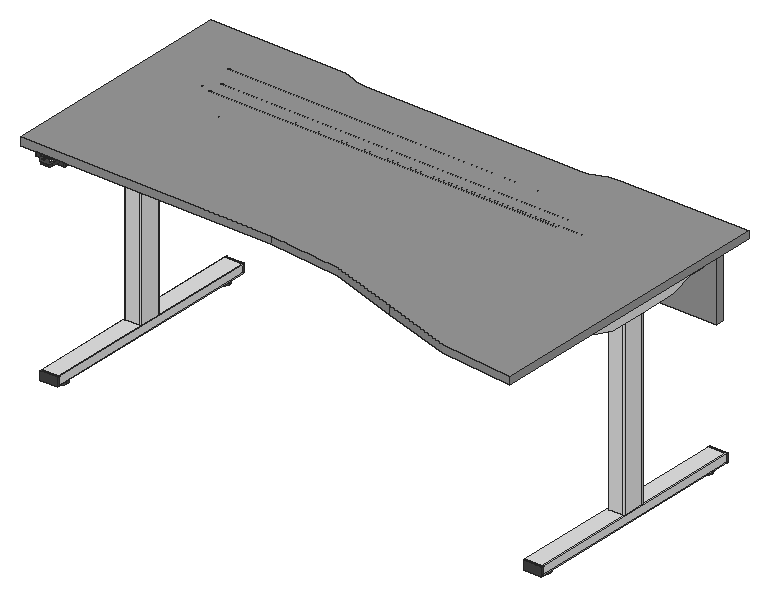
Revit family "Wave Desk with Scallop Top -RH", category Furniture, Revit 2016
Family settings
  OmniClass Number = 23.40.20.00
  OmniClass Title = General Furniture and Specialties
  Work Plane-Based = No
  Always vertical = Yes
  Cut with Voids When Loaded = No
  Shared = No
  Room Calculation Point = No
Parameters (values of type "1800 x 800 x 1000 with Modesty Panel & Cable Tray")
  Width = 1800 mm
  URL = "www.gof.co.uk"
  Type Comments = ""
  Range = "RISE LT"
  Product Code = "HDLWR18S"
  Modesty Panel Visible = yes
  Modesty Panel = "BTCPW18"
  HeightControl [instance] = if(Height < 720 mm, 720 mm, (if(Height > 1200 mm, 1200 mm, Height)))  # 727 mm
  Height [instance] = 727 mm
  Desktop = Gresham - Midnight Ash
  Model = ""
  Manufacturer = "Gresham Office Furniture"  # constant formula
  Frame = Gresham - Silver Metal
  Foot = Gresham - Black Plastic
  Cable Tray Visible = yes
  Cable Tray = "MECT18"
  Assembly Code = "E2020200"
Reference planes
  plane 1 "Center (Front/Back)": y = 0
  plane 2: z = 0
  plane 3 "Center (Left/Right)": x = 0
  plane 4: x = -900
  plane 5: x = 900
  plane 6 "Desktop Underside": z = 702
  plane 7: y = 400
  plane 8: y = -600
  plane 9 "Foot": z = 15
  plane 10: z = 727
  plane 11: x = 595.86
  plane 12: x = -595.86
  plane 13: y = -400
  plane 14: x = 420
  plane 15: x = -60
  plane 16: x = -850
Forms (mm)
  Extrusion 1, solid
    sketch origin (4.14, -302, 0) x (0, 1, 0) y (0, 0, 1)
      loop
        arc (344.5, 657) -> (346.621, 657.879) -> (347.5, 660) r 3
        line (347.5, 660) -> (347.5, 699)
        arc (347.5, 699) -> (346.621, 701.121) -> (344.5, 702) r 3
        line (344.5, 702) -> (307, 702) -> (307, 700) -> (344.5, 700)
        arc (344.5, 700) -> (345.207, 699.707) -> (345.5, 699) r 1
        line (345.5, 699) -> (345.5, 660)
        arc (345.5, 660) -> (345.207, 659.293) -> (344.5, 659) r 1
        line (344.5, 659) -> (310, 659)
        arc (310, 659) -> (309.293, 659.293) -> (309, 660) r 1
        line (309, 660) -> (309, 667) -> (307, 667) -> (307, 660)
        arc (307, 660) -> (307.879, 657.879) -> (310, 657) r 3
        line (310, 657) -> (344.5, 657)
    from -600 to 591.72
  Extrusion 2, solid, material "Gresham - Midnight Ash" <- "Desktop"
    sketch origin (0, 0, 702) x (1, 0, 0) y (0, 1, 0)
      loop
        arc (-416.673, 387.5) -> (-442.614, 396.833) -> (-470, 400) r 120
        line (-470, 400) -> (-900, 400) -> (-900, -400) -> (-60, -400)
        arc (-60, -400) -> (185.162, -425.223) -> (420, -500) r 1200
        arc (420, -500) -> (654.838, -574.777) -> (900, -600) r 1200
        line (900, -600) -> (900, 400) -> (470, 400)
        arc (470, 400) -> (442.614, 396.833) -> (416.673, 387.5) r 120
        arc (416.673, 387.5) -> (390.732, 378.167) -> (363.346, 375) r 120
        line (363.346, 375) -> (-363.346, 375)
        arc (-363.346, 375) -> (-390.732, 378.167) -> (-416.673, 387.5) r 120
    from 0 to 25
Dimensions and locks
  equal spacing: plane 4, plane 3 "Center (Left/Right)", plane 5
  "Width": plane 4 to plane 5
  locked: plane 7 to plane 8 at 1000
  locked: plane 2 to plane 9 "Foot" at 15
  "HeightControl": plane 10 to level
  plane 10 to plane 6 "Desktop Underside" = 25 mm
  locked: nested 1 to plane 5 at 60
  locked: plane 7 to nested 1 at 12
  locked: nested 2 to plane 4 at 60
  locked: Extrusion 1 sketch curve to Extrusion 1 sketch curve at 41
  locked: plane 7 to nested 2 at 12
  locked: plane 11 to plane 5 at 304.14
  locked: plane 4 to plane 12 at 304.14
  locked: plane 7 to plane 13 at 800
  equal spacing: plane 7, plane 1 "Center (Front/Back)", plane 13
  Extrusion 2 sketch curve to Extrusion 2 sketch curve = 430 mm  (x2)
  plane 3 "Center (Left/Right)" to Extrusion 2 = 363.346 mm
  Extrusion 2 to plane 3 "Center (Left/Right)" = 363.346 mm
  locked: plane 5 to plane 14 at 480
  locked: plane 14 to plane 15 at 480
  locked: plane 4 to plane 16 at 50
  locked: plane 4 to nested 4 at 87
  locked: plane 4 to nested 5 at 100
  locked: plane 6 "Desktop Underside" to nested 5 at 61.5
  locked: plane 7 to nested 5 at 53.5
  radius of Extrusion 2 sketch curve = 1200 mm  (x2)
  aligned and locked: level to plane 2
  aligned and locked: plane 11 to Extrusion 1
  aligned and locked: plane 12 to Extrusion 1
  aligned and locked: plane 6 "Desktop Underside" to nested 3
  aligned and locked: nested 3 to plane 13
  aligned and locked: plane 14 to Extrusion 2 sketch curve  (x2)
  aligned and locked: plane 15 to Extrusion 2 sketch curve
  aligned and locked: nested 3 to plane 16
  aligned and locked: plane 6 "Desktop Underside" to nested 4
  aligned and locked: plane 10 to Extrusion 2
  aligned and locked: Extrusion 2 to plane 6 "Desktop Underside"
Automatic sketch dimensions
  Extrusion 1 sketch curve to Extrusion 1 sketch curve = 0 mm  (x6)
  Extrusion 1 sketch curve to plane 6 "Desktop Underside" = 0 mm
  Extrusion 1 sketch curve to plane 1 "Center (Front/Back)" = 5 mm  (x2)
  Extrusion 1 sketch curve to plane 6 "Desktop Underside" = 2 mm
  Extrusion 1 sketch curve to Extrusion 1 sketch curve = 1 mm  (x2)
  Extrusion 1 sketch curve to Extrusion 1 sketch curve = 37.5 mm
  Extrusion 1 sketch curve to Extrusion 1 sketch curve = 34.5 mm
  Extrusion 1 sketch curve to Extrusion 1 sketch curve = 7 mm
  Extrusion 2 sketch curve to plane 4 = 0 mm
  Extrusion 2 sketch curve to plane 7 = 0 mm  (x2)
  Extrusion 2 sketch curve to plane 5 = 0 mm
  Extrusion 2 sketch curve to plane 8 = 0 mm
  Extrusion 2 sketch curve to plane 13 = 0 mm
  plane 7 to Extrusion 2 sketch curve = 95 mm  (x2)
  Extrusion 2 sketch curve to Extrusion 2 sketch curve = 106.654 mm
  Extrusion 2 sketch curve to plane 14 = 56.654 mm
  Extrusion 2 sketch curve to plane 7 = 120 mm  (x2)
  Extrusion 2 sketch curve to plane 7 = 25 mm
Nested families
  nested 1: "Rise LT Leg" at (5, -202, 0), Height <- "HeightControl", type "Rise LT Leg"
    with HeightControl 727 mm, Height 727 mm
  nested 2: "Rise LT Leg" at (-5, -202, 0) x (-1, 0, 0) z (0, 0, 1), Height <- "HeightControl", type "Rise LT Leg"
    with HeightControl 727 mm, Height 727 mm
  nested 3: "Controls" at (-800, -367.5, 690), type "Controls"
  nested 4: "Modesty Panel" at (0, 0, 0), type "Modesty Panel"
    with HeightControl 727 mm, Height 727 mm
  nested 5: "Cable Tray" at (0, 0, 0), Height <- "Height", type "Cable Tray"
    with HeightControl 727 mm, Height 727 mm
Definition of nested family "Rise LT Leg"
  Parameters (values of type "Rise LT Leg")
    Width = 1800 mm
    URL = "www.gof.co.uk"
    Type Comments = ""
    Range = "RISE LT"
    Product Code = ""
    Model = ""
    Manufacturer = "Gresham Office Furniture"  # constant formula
    HeightControl [instance] = if(Height < 720 mm, 720 mm, (if(Height > 1200 mm, 1200 mm, Height)))  # 727 mm
    Height [instance] = 727 mm
    Frame = none
    Foot = none
    Bung = none
    Assembly Code = "E2020200"
  Reference planes
    plane 1 "Center (Front/Back)": y = 200
    plane 2: z = 0
    plane 3 "Center (Left/Right)": x = 0
    plane 4: x = -900
    plane 5: x = 900
    plane 6 "Desktop": z = 727
    plane 7: y = 600
    plane 8: y = -200
    plane 9 "Foot": z = 15
    plane 10 "Desktop Underside": z = 702
    plane 11 "Max Height": z = 1200
    plane 12 "Max Desktop Underside": z = 1175
  Forms (mm)
    Extrusion 1, solid, material <- "Frame"
      sketch origin (0, 0, 727) x (-1, 0, 0) y (0, -1, 0)
        loop
          line (-827.511, -240) -> (-782.511, -240)
          arc (-782.511, -240) -> (-778.976, -238.536) -> (-777.511, -235) r 5
          line (-777.511, -235) -> (-777.511, -165)
          arc (-777.511, -165) -> (-778.976, -161.464) -> (-782.511, -160) r 5
          line (-782.511, -160) -> (-827.511, -160)
          arc (-827.511, -160) -> (-831.047, -161.464) -> (-832.511, -165) r 5
          line (-832.511, -165) -> (-832.511, -235)
          arc (-832.511, -235) -> (-831.047, -238.536) -> (-827.511, -240) r 5
      from -682 to -82
    Extrusion 2, solid, material <- "Frame"
      sketch origin (0, 200, 0) x (1, 0, 0) y (0, 0, 1)
        loop
          line (833, 45) -> (777, 45)
          arc (777, 45) -> (775.586, 44.414) -> (775, 43) r 2
          line (775, 43) -> (775, 17)
          arc (775, 17) -> (775.586, 15.586) -> (777, 15) r 2
          line (777, 15) -> (833, 15)
          arc (833, 15) -> (834.414, 15.586) -> (835, 17) r 2
          line (835, 17) -> (835, 43)
          arc (835, 43) -> (834.414, 44.414) -> (833, 45) r 2
      from -385 to 385
    Extrusion 3, solid, material <- "Frame"
      sketch origin (0, 200, 70) x (1, 0, 0) y (0, 0, 1)
        loop
          line (842.511, 632) -> (590.86, 632) -> (590.86, 617)
          arc (590.86, 617) -> (599.647, 595.787) -> (620.86, 587) r 30
          line (620.86, 587) -> (842.511, 587) -> (842.511, 632)
      from -47.5 to 47.5
    Extrusion 4, solid, material <- "Frame"
      sketch origin (0, 200, 70) x (1, 0, 0) y (0, 0, 1)
        loop
          line (842.511, 632) -> (842.511, 622) -> (844.511, 622) -> (844.511, 630.159) -> (860.511, 630.159) -> (860.511, 579) -> (843.693, 579) -> (843.693, 582.43) -> (841.693, 582.43) -> (841.693, 577) -> (862.511, 577) -> (862.511, 632) -> (842.511, 632)
      from -275 to 275
    Extrusion 5, void
      sketch origin (870.011, 200, 1175) x (0, 0, 1) y (0, 1, 0)
        loop
          line (-528, 0) -> (-528, 125) -> (-483, 275) -> (-473, 275) -> (-473, 333.867) -> (-576.413, 333.867) -> (-576.413, 0) -> (-576.413, -333.867) -> (-473, -333.867) -> (-473, -275) -> (-483, -275) -> (-528, -125) -> (-528, 0)
      from -29.989 to 70.011
    Extrusion 6, solid, material <- "Frame"
      sketch origin (0, 0, 727) x (-1, 0, 0) y (0, -1, 0)
        loop
          line (-827.511, -238) -> (-782.511, -238)
          arc (-782.511, -238) -> (-780.39, -237.121) -> (-779.511, -235) r 3
          line (-779.511, -235) -> (-779.511, -165)
          arc (-779.511, -165) -> (-780.39, -162.879) -> (-782.511, -162) r 3
          line (-782.511, -162) -> (-827.511, -162)
          arc (-827.511, -162) -> (-829.633, -162.879) -> (-830.511, -165) r 3
          line (-830.511, -165) -> (-830.511, -235)
          arc (-830.511, -235) -> (-829.633, -237.121) -> (-827.511, -238) r 3
      from -82 to -70
    Revolve 7, solid, material <- "Foot"
      sketch origin (0, 540, 0) x (1, 0, 0) y (0, 0, 1)
        loop
          line (804.324, 0) -> (824.324, 0) -> (814.324, 15) -> (804.324, 15) -> (804.324, 0)
        axis (804.324, 15) -> (804.324, 0)
      angle from 0 to 360
    Revolve 8, solid, material <- "Foot"
      sketch origin (0, -140, 0) x (1, 0, 0) y (0, 0, -1)
        loop
          line (804.324, 0) -> (804.324, -15) -> (814.324, -15) -> (824.324, 0) -> (804.324, 0)
        axis (804.324, -15) -> (804.324, 0)
      angle from 0 to 360
    Extrusion 9, solid, material <- "Bung"
      sketch origin (0, 201.489, 0) x (1, 0, 0) y (0, 0, 1)
        loop
          line (833, 45) -> (777, 45)
          arc (777, 45) -> (775.586, 44.414) -> (775, 43) r 2
          line (775, 43) -> (775, 17)
          arc (775, 17) -> (775.586, 15.586) -> (777, 15) r 2
          line (777, 15) -> (833, 15)
          arc (833, 15) -> (834.414, 15.586) -> (835, 17) r 2
          line (835, 17) -> (835, 43)
          arc (835, 43) -> (834.414, 44.414) -> (833, 45) r 2
      from 386.489 to 391.489
    Extrusion 10, solid, material <- "Bung"
      sketch origin (0, 198.511, 0) x (1, 0, 0) y (0, 0, -1)
        loop
          arc (833, -45) -> (834.414, -44.414) -> (835, -43) r 2
          line (835, -43) -> (835, -17)
          arc (835, -17) -> (834.414, -15.586) -> (833, -15) r 2
          line (833, -15) -> (777, -15)
          arc (777, -15) -> (775.586, -15.586) -> (775, -17) r 2
          line (775, -17) -> (775, -43)
          arc (775, -43) -> (775.586, -44.414) -> (777, -45) r 2
          line (777, -45) -> (833, -45)
      from 386.489 to 391.489
  Cuts and joins
    Extrusion 5 cuts Extrusion 4
  Dimensions and locks
    equal spacing: plane 4, plane 3 "Center (Left/Right)", plane 5
    "Width": plane 4 to plane 5
    equal spacing: plane 7, plane 1 "Center (Front/Back)", plane 8
    locked: plane 7 to plane 8 at 800
    locked: plane 9 "Foot" to level at 15
    locked: plane 6 "Desktop" to plane 10 "Desktop Underside" at 25
    locked: plane 5 to Extrusion 2 at 65
    Extrusion 3 to Extrusion 3 = 95 mm
    plane 1 "Center (Front/Back)" to Extrusion 4 = 275 mm
    equal spacing: Extrusion 4, plane 1 "Center (Front/Back)", Extrusion 4
    plane 11 "Max Height" to level = 1200 mm
    locked: Extrusion 3 sketch curve to Extrusion 3 sketch curve at 45
    locked: Extrusion 5 sketch curve to Extrusion 5 sketch curve at 103.413
    "HeightControl": plane 6 "Desktop" to level
    locked: Extrusion 1 to level at 645
    locked: Extrusion 2 to Extrusion 2 at 30
    Extrusion 2 to Revolve 7 = 45 mm
    locked: Extrusion 9 to Extrusion 9 at 5
    locked: Extrusion 5 to plane 5 at 100
    locked: Extrusion 10 to Extrusion 10 at 5
    plane 9 "Foot" to level = 15 mm
    Revolve 8 to Extrusion 9 = 45 mm
    locked: Extrusion 3 to plane 5 at 309.14
    aligned and locked: level to plane 2
    aligned and locked: Extrusion 6 to Extrusion 3
    aligned and locked: Extrusion 6 to Extrusion 1
    aligned and locked: Extrusion 2 to plane 9 "Foot"
    aligned and locked: Extrusion 1 to Extrusion 2
    aligned and locked: Extrusion 2 to Extrusion 9
    aligned and locked: Extrusion 5 to plane 5
    aligned and locked: Extrusion 2 to Extrusion 10
  Automatic sketch dimensions
    plane 1 "Center (Front/Back)" to Extrusion 1 sketch curve = 35 mm
    plane 5 to Extrusion 1 sketch curve = 67.489 mm
    Extrusion 1 sketch curve to Extrusion 1 sketch curve = 5 mm  (x3)
    Extrusion 1 sketch curve to Extrusion 1 sketch curve = 45 mm  (x2)
    Extrusion 1 sketch curve to plane 1 "Center (Front/Back)" = 35 mm
    Extrusion 2 sketch curve to plane 9 "Foot" = 0 mm
    plane 9 "Foot" to Extrusion 2 sketch curve = 2 mm  (x2)
    plane 5 to Extrusion 2 sketch curve = 125 mm
    Extrusion 2 sketch curve to Extrusion 2 sketch curve = 2 mm
    Extrusion 2 sketch curve to Extrusion 2 sketch curve = 56 mm
    Extrusion 2 sketch curve to Extrusion 2 sketch curve = 0 mm
    Extrusion 2 sketch curve to Extrusion 2 sketch curve = 26 mm
    Extrusion 3 sketch curve to plane 10 "Desktop Underside" = 0 mm
    plane 3 "Center (Left/Right)" to Extrusion 3 sketch curve = 590.86 mm
    Extrusion 3 sketch curve to Extrusion 3 sketch curve = 30 mm
    plane 5 to Extrusion 3 sketch curve = 57.489 mm
    Extrusion 4 sketch curve to plane 10 "Desktop Underside" = 0 mm
    plane 5 to Extrusion 4 sketch curve = 58.307 mm
    Extrusion 4 sketch curve to plane 10 "Desktop Underside" = 10 mm
    Extrusion 4 sketch curve to Extrusion 4 sketch curve = 0.819 mm
    Extrusion 4 sketch curve to Extrusion 4 sketch curve = 2 mm  (x4)
    Extrusion 4 sketch curve to plane 10 "Desktop Underside" = 1.841 mm
    Extrusion 4 sketch curve to Extrusion 4 sketch curve = 16 mm
    Extrusion 4 sketch curve to Extrusion 4 sketch curve = 39.57 mm
    Extrusion 4 sketch curve to Extrusion 4 sketch curve = 3.43 mm
    Extrusion 5 sketch curve to plane 1 "Center (Front/Back)" = 0 mm  (x2)
    Extrusion 5 sketch curve to plane 10 "Desktop Underside" = 0 mm  (x2)
    Extrusion 5 sketch curve to plane 10 "Desktop Underside" = 55 mm
    Extrusion 5 sketch curve to plane 10 "Desktop Underside" = 10 mm  (x2)
    Extrusion 5 sketch curve to Extrusion 5 sketch curve = 125 mm
    plane 8 to Extrusion 5 sketch curve = 125 mm
    Extrusion 5 sketch curve to Extrusion 5 sketch curve = 58.867 mm
    Extrusion 5 sketch curve to plane 1 "Center (Front/Back)" = 125 mm
    Extrusion 5 sketch curve to plane 7 = 125 mm
    Extrusion 5 sketch curve to plane 7 = 66.133 mm
    plane 1 "Center (Front/Back)" to Extrusion 6 sketch curve = 35 mm
    plane 5 to Extrusion 6 sketch curve = 69.489 mm
    Extrusion 6 sketch curve to Extrusion 6 sketch curve = 3 mm  (x3)
    Extrusion 6 sketch curve to Extrusion 6 sketch curve = 45 mm  (x2)
    Extrusion 6 sketch curve to plane 1 "Center (Front/Back)" = 35 mm
    Revolve 7 sketch curve to level = 0 mm
    Revolve 7 sketch curve to plane 9 "Foot" = 0 mm  (x2)
    plane 5 to Revolve 7 sketch curve = 95.676 mm
    Revolve 7 sketch curve to Revolve 7 sketch curve = 10 mm  (x2)
    Revolve 7 sketch curve to Revolve 7 sketch curve = 0 mm
    Revolve 7 sketch curve to Revolve 7 sketch curve = 11.548 mm
    Revolve 8 sketch curve to level = 0 mm
    Revolve 8 sketch curve to plane 9 "Foot" = 0 mm  (x2)
    plane 5 to Revolve 8 sketch curve = 95.676 mm
    Revolve 8 sketch curve to Revolve 8 sketch curve = 10 mm  (x2)
    Revolve 8 sketch curve to Revolve 8 sketch curve = 0 mm
    Revolve 8 sketch curve to Revolve 8 sketch curve = 11.548 mm
    Extrusion 9 sketch curve to plane 9 "Foot" = 0 mm
    plane 9 "Foot" to Extrusion 9 sketch curve = 28 mm
    plane 5 to Extrusion 9 sketch curve = 125 mm
    Extrusion 9 sketch curve to Extrusion 9 sketch curve = 2 mm  (x3)
    Extrusion 9 sketch curve to Extrusion 9 sketch curve = 56 mm
    Extrusion 9 sketch curve to Extrusion 9 sketch curve = 0 mm
    Extrusion 10 sketch curve to plane 9 "Foot" = 0 mm
    plane 9 "Foot" to Extrusion 10 sketch curve = 28 mm
    plane 5 to Extrusion 10 sketch curve = 125 mm
    Extrusion 10 sketch curve to Extrusion 10 sketch curve = 2 mm  (x3)
    Extrusion 10 sketch curve to Extrusion 10 sketch curve = 56 mm
    Extrusion 10 sketch curve to Extrusion 10 sketch curve = 0 mm
Definition of nested family "Controls"
  Parameters (values of type "Controls")
    URL = "www.gof.co.uk"
    Rubber Keys = none
    Range = "RANGE LT"
    Product Code = "Controls"
    Plastic Case = none
    Manufacturer = "Gresham Office Furniture"  # constant formula
  Reference planes
    plane 1 "Center (Front/Back)": y = 0
    plane 2: z = 0
    plane 3 "Center (Left/Right)": x = 0
  Forms (mm)
    Extrusion 1, solid, material <- "Plastic Case"
      sketch origin (0, 0, 0) x (1, 0, 0) y (0, 1, 0)
        loop
          arc (-45, 32.5) -> (-48.536, 31.036) -> (-50, 27.5) r 5
          line (-50, 27.5) -> (-50, -27.5)
          arc (-50, -27.5) -> (-48.536, -31.036) -> (-45, -32.5) r 5
          line (-45, -32.5) -> (45, -32.5)
          arc (45, -32.5) -> (48.536, -31.036) -> (50, -27.5) r 5
          line (50, -27.5) -> (50, 27.5)
          arc (50, 27.5) -> (48.536, 31.036) -> (45, 32.5) r 5
          line (45, 32.5) -> (-45, 32.5)
      from 0 to 12
    Sweep 2, solid, material <- "Plastic Case"
      path origin (0, 0, 2) x (0, 1, 0) y (0, 0, 1)
        loop
          line (-32.5, 6) -> (-36.392, 6)
          arc (-36.392, 6) -> (-37.474, 5.881) -> (-38.505, 5.532) r 5
          line (-38.505, 5.532) -> (-55.626, -2.452)
      profile origin (0, -34.446, 8) x (0, 0, -1) y (1, 0, 0)
        loop
          line (-4, 30) -> (-4, -30) -> (4, -30) -> (4, 30) -> (-4, 30)
    Extrusion 3, void
      sketch origin (-30, -40.195, 11.157) x (0, -0.906308, -0.422618) y (1, 0, 0)
        loop
          line (18.892, 75) -> (-7.33, 75) -> (-7.33, 60) -> (10.178, 50.091)
          arc (10.178, 50.091) -> (14.833, 46.912) -> (18.892, 43) r 33.579
          line (18.892, 43) -> (18.892, 75)
      from -13.674 to 7.77
    Extrusion 4, void
      sketch origin (30, -40.195, 11.157) x (0, -0.906308, -0.422618) y (1, 0, 0)
        loop
          line (18.892, -75) -> (18.892, -43)
          arc (18.892, -43) -> (14.833, -46.912) -> (10.178, -50.091) r 33.579
          line (10.178, -50.091) -> (-7.33, -60) -> (-7.33, -75) -> (18.892, -75)
      from -13.674 to 7.77
    Extrusion 5, solid, material <- "Rubber Keys"
      sketch origin (-30, -40.195, 11.157) x (0, -0.906308, -0.422618) y (1, 0, 0)
        loop
          line (0.281, 19.363) -> (8.531, 14.6) -> (8.531, 24.126) -> (0.281, 19.363)
        loop
          line (0.656, 35.874) -> (8.906, 40.637) -> (0.656, 45.4) -> (0.656, 35.874)
      from 0 to 1.5
  Cuts and joins
    Extrusion 3, Extrusion 4 cuts Sweep 2
  Dimensions and locks
    aligned and locked: level to plane 2
Definition of nested family "Modesty Panel"
  Parameters (values of type "Modesty Panel")
    Width = 1800 mm
    URL = "www.gof.co.uk"
    Type Comments = ""
    Range = "RISE LT"
    Product Code = ""
    Modesty Panel Visible = yes
    Modesty Panel = none
    HeightControl [instance] = if(Height < 720 mm, 720 mm, (if(Height > 1200 mm, 1200 mm, Height)))  # 727 mm
    Height [instance] = 727 mm
    Desktop = none
    Model = ""
    Manufacturer = "Gresham Office Furniture"  # constant formula
    Frame = none
    Foot = none
    Assembly Code = "E2020200"
  Reference planes
    plane 1 "Center (Front/Back)": y = 0
    plane 2: z = 0
    plane 3 "Center (Left/Right)": x = 0
    plane 4: x = -900
    plane 5: x = 900
    plane 6 "Desktop Underside": z = 702
    plane 7: y = 400
    plane 8: y = -400
    plane 9 "Foot": z = 15
    plane 10: z = 727
    plane 11 "Modesty Panel": x = -593
    plane 12: x = 593
    plane 13: z = 425
    plane 14: z = 677
    plane 15: y = 375
    plane 16: x = 568
    plane 17: x = -568
    plane 18: x = -813
    plane 19: x = 813
  Forms (mm)
    Extrusion 1, solid, material <- "Frame", visible <- "Modesty Panel Visible"
      sketch origin (-593, 43.228, 0) x (0, 1, 0) y (0, 0, 1)
        loop
          line (161.772, 702) -> (161.772, 677) -> (306.772, 677) -> (306.772, 432) -> (331.772, 432) -> (331.772, 702) -> (161.772, 702)
      from 0 to 25
    Extrusion 2, solid, material <- "Frame", visible <- "Modesty Panel Visible"
      sketch origin (593, 43.228, 0) x (0, 1, 0) y (0, 0, -1)
        loop
          line (161.772, -702) -> (331.772, -702) -> (331.772, -432) -> (306.772, -432) -> (306.772, -677) -> (161.772, -677) -> (161.772, -702)
      from 0 to 25
    Extrusion 3, solid, material <- "Modesty Panel", visible <- "Modesty Panel Visible"
      sketch origin (0, 0, 0) x (0, 1, 0) y (0, 0, 1)
        loop
          line (375, 677) -> (375, 425) -> (400, 425) -> (400, 677) -> (375, 677)
      from -813 to 813
  Dimensions and locks
    equal spacing: plane 4, plane 3 "Center (Left/Right)", plane 5
    "Width": plane 4 to plane 5
    equal spacing: plane 7, plane 1 "Center (Front/Back)", plane 8
    locked: plane 7 to plane 8 at 800
    locked: plane 2 to plane 9 "Foot" at 15
    "HeightControl": plane 10 to level
    locked: plane 10 to plane 6 "Desktop Underside" at 25
    locked: Extrusion 1 sketch curve to Extrusion 1 sketch curve at 170
    locked: Extrusion 1 sketch curve to Extrusion 1 sketch curve at 25  (x2)
    locked: Extrusion 1 sketch curve to Extrusion 1 sketch curve at 270
    locked: Extrusion 1 to Extrusion 1 at 25
    locked: plane 7 to Extrusion 1 at 25
    locked: plane 11 "Modesty Panel" to plane 4 at 307
    locked: plane 12 to plane 5 at 307
    locked: Extrusion 2 sketch curve to Extrusion 2 sketch curve at 170
    locked: Extrusion 2 sketch curve to Extrusion 2 sketch curve at 25  (x2)
    locked: Extrusion 2 sketch curve to Extrusion 2 sketch curve at 270
    locked: Extrusion 2 to Extrusion 2 at 25
    locked: Extrusion 1 to plane 13 at 7
    locked: plane 6 "Desktop Underside" to plane 14 at 25
    locked: plane 7 to plane 15 at 25
    locked: plane 16 to plane 12 at 25
    locked: plane 17 to plane 11 "Modesty Panel" at 25
    locked: plane 13 to plane 14 at 252
    locked: plane 4 to plane 18 at 87
    locked: plane 19 to plane 5 at 87
    aligned and locked: level to plane 2
    aligned and locked: plane 6 "Desktop Underside" to Extrusion 1
    aligned and locked: Extrusion 1 to plane 11 "Modesty Panel"
    aligned and locked: Extrusion 2 to plane 12
    aligned and locked: Extrusion 3 to plane 14
    aligned and locked: Extrusion 3 to plane 13
    aligned and locked: Extrusion 3 to plane 18
    aligned and locked: Extrusion 3 to plane 19
  Automatic sketch dimensions
    Extrusion 1 sketch curve to plane 6 "Desktop Underside" = 0 mm
    Extrusion 1 sketch curve to plane 7 = 195 mm
    Extrusion 2 sketch curve to plane 6 "Desktop Underside" = 0 mm
    Extrusion 2 sketch curve to plane 7 = 195 mm
    Extrusion 3 sketch curve to plane 13 = 0 mm
    Extrusion 3 sketch curve to plane 15 = 0 mm
    Extrusion 3 sketch curve to plane 7 = 0 mm
    plane 14 to Extrusion 3 sketch curve = 0 mm
Definition of nested family "Cable Tray"
  Parameters (values of type "Cable Tray")
    Width = 1800 mm
    URL = "www.gof.co.uk"
    Type Comments = ""
    Range = "RISE LT"
    Product Code = ""
    Modesty Panel = none
    HeightControl [instance] = if(Height < 720 mm, 720 mm, (if(Height > 1200 mm, 1200 mm, Height)))  # 727 mm
    Height [instance] = 727 mm
    Desktop = none
    Model = ""
    Manufacturer = "Gresham Office Furniture"  # constant formula
    Frame = none
    Foot = none
    Cable Tray Clips = none
    Cable Tray = yes
    Assembly Code = "E2020200"
  Reference planes
    plane 1 "Center (Front/Back)": y = 0
    plane 2: z = 0
    plane 3 "Center (Left/Right)": x = 0
    plane 4: x = -900
    plane 5: x = 900
    plane 6 "Desktop Underside": z = 702
    plane 7: y = 400
    plane 8: y = -400
    plane 9 "Foot": z = 15
    plane 10: z = 727
    plane 11 "Cable Tray Left": x = -800
    plane 12 "Cable Tray Right": x = 800
  Forms (mm)
    Extrusion 1, solid, material <- "Frame", visible <- "Cable Tray"
      sketch origin (0, 12.089, -4.885) x (0, 1, 0) y (0, 0, 1)
        loop
          circle (301.911, 615.385) r 1.5
        loop
          circle (251.911, 615.385) r 1.5
        loop
          circle (220.911, 645.385) r 1.5
        loop
          circle (332.911, 645.385) r 1.5
      from -800 to 800
    Sweep 2, solid, material <- "Frame", visible <- "Cable Tray"
      path in 3D
        loop
          line (0, 341.76, 640.5) -> (0, 333.661, 615.573)
          arc (0, 333.661, 615.573) -> (0, 332.571, 614.073) -> (0, 330.808, 613.5) r 3
          line (0, 330.808, 613.5) -> (0, 247.192, 613.5)
          arc (0, 247.192, 613.5) -> (0, 245.429, 614.073) -> (0, 244.339, 615.573) r 3
          line (0, 244.339, 615.573) -> (0, 236.24, 640.5)
      profile origin (0, 289, 613.5) x (0, 0, 1) y (-1, 0, 0)
        loop
          circle (0, 0) r 1.5
    Sweep 3, solid, material <- "Frame", visible <- "Cable Tray", not visible
      path in 3D
        loop
          line (0, 329.671, 645.385) -> (0, 321.572, 620.458)
          arc (0, 321.572, 620.458) -> (0, 320.482, 618.958) -> (0, 318.719, 618.385) r 3
          line (0, 318.719, 618.385) -> (0, 235.103, 618.385)
          arc (0, 235.103, 618.385) -> (0, 233.34, 618.958) -> (0, 232.25, 620.458) r 3
          line (0, 232.25, 620.458) -> (0, 224.151, 645.385)
      profile origin (0, 276.911, 618.385) x (0, 0, 1) y (-1, 0, 0)
        loop
          circle (0, 0) r 1.5
    Sweep 4, solid, material <- "Frame", visible <- "Cable Tray"
      path in 3D
        loop
          line (800, 342.073, 640.5) -> (800, 333.974, 615.573)
          arc (800, 333.974, 615.573) -> (800, 332.884, 614.073) -> (800, 331.121, 613.5) r 3
          line (800, 331.121, 613.5) -> (800, 247.505, 613.5)
          arc (800, 247.505, 613.5) -> (800, 245.742, 614.073) -> (800, 244.652, 615.573) r 3
          line (800, 244.652, 615.573) -> (800, 236.553, 640.5)
      profile origin (800, 289.313, 613.5) x (0, 0, 1) y (-1, 0, 0)
        loop
          circle (0, 0) r 1.5
    Sweep 5, solid, material <- "Frame", visible <- "Cable Tray"
      path in 3D
        loop
          line (-800, 342.073, 640.5) -> (-800, 333.974, 615.573)
          arc (-800, 333.974, 615.573) -> (-800, 332.884, 614.073) -> (-800, 331.121, 613.5) r 3
          line (-800, 331.121, 613.5) -> (-800, 247.505, 613.5)
          arc (-800, 247.505, 613.5) -> (-800, 245.742, 614.073) -> (-800, 244.652, 615.573) r 3
          line (-800, 244.652, 615.573) -> (-800, 236.553, 640.5)
      profile origin (-800, 289.313, 613.5) x (0, 0, 1) y (-1, 0, 0)
        loop
          circle (0, 0) r 1.5
    Sweep 6, solid, material <- "Frame", visible <- "Cable Tray"
      path in 3D
        loop
          line (100, 341.76, 640.5) -> (100, 333.661, 615.573)
          arc (100, 333.661, 615.573) -> (100, 332.571, 614.073) -> (100, 330.808, 613.5) r 3
          line (100, 330.808, 613.5) -> (100, 247.192, 613.5)
          arc (100, 247.192, 613.5) -> (100, 245.429, 614.073) -> (100, 244.339, 615.573) r 3
          line (100, 244.339, 615.573) -> (100, 236.24, 640.5)
      profile origin (100, 289, 613.5) x (0, 0, 1) y (-1, 0, 0)
        loop
          circle (0, 0) r 1.5
    Sweep 7, solid, material <- "Frame", visible <- "Cable Tray"
      path in 3D
        loop
          line (300, 341.76, 640.5) -> (300, 333.661, 615.573)
          arc (300, 333.661, 615.573) -> (300, 332.571, 614.073) -> (300, 330.808, 613.5) r 3
          line (300, 330.808, 613.5) -> (300, 247.192, 613.5)
          arc (300, 247.192, 613.5) -> (300, 245.429, 614.073) -> (300, 244.339, 615.573) r 3
          line (300, 244.339, 615.573) -> (300, 236.24, 640.5)
      profile origin (300, 289, 613.5) x (0, 0, 1) y (-1, 0, 0)
        loop
          circle (0, 0) r 1.5
    Sweep 8, solid, material <- "Frame", visible <- "Cable Tray"
      path in 3D
        loop
          line (400, 341.76, 640.5) -> (400, 333.661, 615.573)
          arc (400, 333.661, 615.573) -> (400, 332.571, 614.073) -> (400, 330.808, 613.5) r 3
          line (400, 330.808, 613.5) -> (400, 247.192, 613.5)
          arc (400, 247.192, 613.5) -> (400, 245.429, 614.073) -> (400, 244.339, 615.573) r 3
          line (400, 244.339, 615.573) -> (400, 236.24, 640.5)
      profile origin (400, 289, 613.5) x (0, 0, 1) y (-1, 0, 0)
        loop
          circle (0, 0) r 1.5
    Sweep 9, solid, material <- "Frame", visible <- "Cable Tray"
      path in 3D
        loop
          line (500, 341.76, 640.5) -> (500, 333.661, 615.573)
          arc (500, 333.661, 615.573) -> (500, 332.571, 614.073) -> (500, 330.808, 613.5) r 3
          line (500, 330.808, 613.5) -> (500, 247.192, 613.5)
          arc (500, 247.192, 613.5) -> (500, 245.429, 614.073) -> (500, 244.339, 615.573) r 3
          line (500, 244.339, 615.573) -> (500, 236.24, 640.5)
      profile origin (500, 289, 613.5) x (0, 0, 1) y (-1, 0, 0)
        loop
          circle (0, 0) r 1.5
    Sweep 10, solid, material <- "Frame", visible <- "Cable Tray"
      path in 3D
        loop
          line (600, 341.76, 640.5) -> (600, 333.661, 615.573)
          arc (600, 333.661, 615.573) -> (600, 332.571, 614.073) -> (600, 330.808, 613.5) r 3
          line (600, 330.808, 613.5) -> (600, 247.192, 613.5)
          arc (600, 247.192, 613.5) -> (600, 245.429, 614.073) -> (600, 244.339, 615.573) r 3
          line (600, 244.339, 615.573) -> (600, 236.24, 640.5)
      profile origin (600, 289, 613.5) x (0, 0, 1) y (-1, 0, 0)
        loop
          circle (0, 0) r 1.5
    Sweep 11, solid, material <- "Frame", visible <- "Cable Tray"
      path in 3D
        loop
          line (700, 341.76, 640.5) -> (700, 333.661, 615.573)
          arc (700, 333.661, 615.573) -> (700, 332.571, 614.073) -> (700, 330.808, 613.5) r 3
          line (700, 330.808, 613.5) -> (700, 247.192, 613.5)
          arc (700, 247.192, 613.5) -> (700, 245.429, 614.073) -> (700, 244.339, 615.573) r 3
          line (700, 244.339, 615.573) -> (700, 236.24, 640.5)
      profile origin (700, 289, 613.5) x (0, 0, 1) y (-1, 0, 0)
        loop
          circle (0, 0) r 1.5
    Sweep 12, solid, material <- "Frame", visible <- "Cable Tray"
      path in 3D
        loop
          line (200, 341.76, 640.5) -> (200, 333.661, 615.573)
          arc (200, 333.661, 615.573) -> (200, 332.571, 614.073) -> (200, 330.808, 613.5) r 3
          line (200, 330.808, 613.5) -> (200, 247.192, 613.5)
          arc (200, 247.192, 613.5) -> (200, 245.429, 614.073) -> (200, 244.339, 615.573) r 3
          line (200, 244.339, 615.573) -> (200, 236.24, 640.5)
      profile origin (200, 289, 613.5) x (0, 0, 1) y (-1, 0, 0)
        loop
          circle (0, 0) r 1.5
    Sweep 13, solid, material <- "Frame", visible <- "Cable Tray"
      path in 3D
        loop
          line (-100, 341.76, 640.5) -> (-100, 333.661, 615.573)
          arc (-100, 333.661, 615.573) -> (-100, 332.571, 614.073) -> (-100, 330.808, 613.5) r 3
          line (-100, 330.808, 613.5) -> (-100, 247.192, 613.5)
          arc (-100, 247.192, 613.5) -> (-100, 245.429, 614.073) -> (-100, 244.339, 615.573) r 3
          line (-100, 244.339, 615.573) -> (-100, 236.24, 640.5)
      profile origin (-100, 289, 613.5) x (0, 0, 1) y (-1, 0, 0)
        loop
          circle (0, 0) r 1.5
    Sweep 14, solid, material <- "Frame", visible <- "Cable Tray"
      path in 3D
        loop
          line (-300, 341.76, 640.5) -> (-300, 333.661, 615.573)
          arc (-300, 333.661, 615.573) -> (-300, 332.571, 614.073) -> (-300, 330.808, 613.5) r 3
          line (-300, 330.808, 613.5) -> (-300, 247.192, 613.5)
          arc (-300, 247.192, 613.5) -> (-300, 245.429, 614.073) -> (-300, 244.339, 615.573) r 3
          line (-300, 244.339, 615.573) -> (-300, 236.24, 640.5)
      profile origin (-300, 289, 613.5) x (0, 0, 1) y (-1, 0, 0)
        loop
          circle (0, 0) r 1.5
    Sweep 15, solid, material <- "Frame", visible <- "Cable Tray"
      path in 3D
        loop
          line (-400, 341.76, 640.5) -> (-400, 333.661, 615.573)
          arc (-400, 333.661, 615.573) -> (-400, 332.571, 614.073) -> (-400, 330.808, 613.5) r 3
          line (-400, 330.808, 613.5) -> (-400, 247.192, 613.5)
          arc (-400, 247.192, 613.5) -> (-400, 245.429, 614.073) -> (-400, 244.339, 615.573) r 3
          line (-400, 244.339, 615.573) -> (-400, 236.24, 640.5)
      profile origin (-400, 289, 613.5) x (0, 0, 1) y (-1, 0, 0)
        loop
          circle (0, 0) r 1.5
    Sweep 16, solid, material <- "Frame", visible <- "Cable Tray"
      path in 3D
        loop
          line (-500, 341.76, 640.5) -> (-500, 333.661, 615.573)
          arc (-500, 333.661, 615.573) -> (-500, 332.571, 614.073) -> (-500, 330.808, 613.5) r 3
          line (-500, 330.808, 613.5) -> (-500, 247.192, 613.5)
          arc (-500, 247.192, 613.5) -> (-500, 245.429, 614.073) -> (-500, 244.339, 615.573) r 3
          line (-500, 244.339, 615.573) -> (-500, 236.24, 640.5)
      profile origin (-500, 289, 613.5) x (0, 0, 1) y (-1, 0, 0)
        loop
          circle (0, 0) r 1.5
    Sweep 17, solid, material <- "Frame", visible <- "Cable Tray"
      path in 3D
        loop
          line (-600, 341.76, 640.5) -> (-600, 333.661, 615.573)
          arc (-600, 333.661, 615.573) -> (-600, 332.571, 614.073) -> (-600, 330.808, 613.5) r 3
          line (-600, 330.808, 613.5) -> (-600, 247.192, 613.5)
          arc (-600, 247.192, 613.5) -> (-600, 245.429, 614.073) -> (-600, 244.339, 615.573) r 3
          line (-600, 244.339, 615.573) -> (-600, 236.24, 640.5)
      profile origin (-600, 289, 613.5) x (0, 0, 1) y (-1, 0, 0)
        loop
          circle (0, 0) r 1.5
    Sweep 18, solid, material <- "Frame", visible <- "Cable Tray"
      path in 3D
        loop
          line (-700, 341.76, 640.5) -> (-700, 333.661, 615.573)
          arc (-700, 333.661, 615.573) -> (-700, 332.571, 614.073) -> (-700, 330.808, 613.5) r 3
          line (-700, 330.808, 613.5) -> (-700, 247.192, 613.5)
          arc (-700, 247.192, 613.5) -> (-700, 245.429, 614.073) -> (-700, 244.339, 615.573) r 3
          line (-700, 244.339, 615.573) -> (-700, 236.24, 640.5)
      profile origin (-700, 289, 613.5) x (0, 0, 1) y (-1, 0, 0)
        loop
          circle (0, 0) r 1.5
    Sweep 19, solid, material <- "Frame", visible <- "Cable Tray"
      path in 3D
        loop
          line (-200, 341.76, 640.5) -> (-200, 333.661, 615.573)
          arc (-200, 333.661, 615.573) -> (-200, 332.571, 614.073) -> (-200, 330.808, 613.5) r 3
          line (-200, 330.808, 613.5) -> (-200, 247.192, 613.5)
          arc (-200, 247.192, 613.5) -> (-200, 245.429, 614.073) -> (-200, 244.339, 615.573) r 3
          line (-200, 244.339, 615.573) -> (-200, 236.24, 640.5)
      profile origin (-200, 289, 613.5) x (0, 0, 1) y (-1, 0, 0)
        loop
          circle (0, 0) r 1.5
    Extrusion 20, solid, material <- "Cable Tray Clips", visible <- "Cable Tray"
      sketch origin (615, 0, 0) x (0, 1, 0) y (0, 0, 1)
        loop
          arc (346.5, 640.5) -> (345, 639) -> (343.5, 640.5) r 1.5
          line (343.5, 640.5) -> (343.5, 645.926) -> (340.5, 645.926) -> (340.5, 640.5)
          arc (340.5, 640.5) -> (345, 636) -> (349.5, 640.5) r 4.5
          line (349.5, 640.5) -> (349.5, 677.5)
          arc (349.5, 677.5) -> (348.692, 680.415) -> (346.5, 682.5) r 5.667
          arc (346.5, 682.5) -> (322.774, 690.464) -> (297.984, 693.899) r 134.615
          line (297.984, 693.899) -> (297.984, 697) -> (303.984, 697) -> (303.984, 702) -> (279.984, 702) -> (279.984, 697) -> (285.984, 697) -> (285.984, 693.899)
          arc (285.984, 693.899) -> (261.193, 690.464) -> (237.467, 682.5) r 134.615
          arc (237.467, 682.5) -> (235.275, 680.415) -> (234.435, 677.5) r 5.667
          line (234.435, 677.5) -> (234.435, 670.5)
          arc (234.435, 670.5) -> (232.935, 669) -> (231.435, 670.5) r 1.5
          line (231.435, 670.5) -> (231.435, 675.5) -> (228.435, 675.5) -> (228.435, 670.5)
          arc (228.435, 670.5) -> (230.365, 666.806) -> (234.5, 666.281) r 4.5
          line (234.5, 666.281) -> (234.5, 640.5)
          arc (234.5, 640.5) -> (233, 639) -> (231.5, 640.5) r 1.5
          line (231.5, 640.5) -> (231.5, 645.5) -> (228.5, 645.5) -> (228.5, 640.5)
          arc (228.5, 640.5) -> (233, 636) -> (237.5, 640.5) r 4.5
          line (237.5, 640.5) -> (237.5, 677.793)
          arc (237.5, 677.793) -> (237.882, 679.174) -> (238.92, 680.161) r 2.683
          arc (238.92, 680.161) -> (291.984, 691.033) -> (345.047, 680.161) r 134.926
          arc (345.047, 680.161) -> (346.085, 679.174) -> (346.467, 677.793) r 2.683
          line (346.467, 677.793) -> (346.467, 670.5)
          arc (346.467, 670.5) -> (344.951, 668.984) -> (343.435, 670.5) r 1.516
          line (343.435, 670.5) -> (343.435, 675.5) -> (340.435, 675.5) -> (340.435, 670.5)
          arc (340.435, 670.5) -> (342.365, 666.806) -> (346.5, 666.281) r 4.5
          line (346.5, 666.281) -> (346.5, 640.5)
      from 0 to 25
    Extrusion 21, solid, material <- "Cable Tray Clips", visible <- "Cable Tray"
      sketch origin (-615, 0, 0) x (0, 1, 0) y (0, 0, -1)
        loop
          line (346.5, -640.5) -> (346.5, -666.281)
          arc (346.5, -666.281) -> (342.365, -666.806) -> (340.435, -670.5) r 4.5
          line (340.435, -670.5) -> (340.435, -675.5) -> (343.435, -675.5) -> (343.435, -670.5)
          arc (343.435, -670.5) -> (344.951, -668.984) -> (346.467, -670.5) r 1.516
          line (346.467, -670.5) -> (346.467, -677.793)
          arc (346.467, -677.793) -> (346.085, -679.174) -> (345.047, -680.161) r 2.683
          arc (345.047, -680.161) -> (291.984, -691.033) -> (238.92, -680.161) r 134.926
          arc (238.92, -680.161) -> (237.882, -679.174) -> (237.5, -677.793) r 2.683
          line (237.5, -677.793) -> (237.5, -640.5)
          arc (237.5, -640.5) -> (233, -636) -> (228.5, -640.5) r 4.5
          line (228.5, -640.5) -> (228.5, -645.5) -> (231.5, -645.5) -> (231.5, -640.5)
          arc (231.5, -640.5) -> (233, -639) -> (234.5, -640.5) r 1.5
          line (234.5, -640.5) -> (234.5, -666.281)
          arc (234.5, -666.281) -> (230.365, -666.806) -> (228.435, -670.5) r 4.5
          line (228.435, -670.5) -> (228.435, -675.5) -> (231.435, -675.5) -> (231.435, -670.5)
          arc (231.435, -670.5) -> (232.935, -669) -> (234.435, -670.5) r 1.5
          line (234.435, -670.5) -> (234.435, -677.5)
          arc (234.435, -677.5) -> (235.275, -680.415) -> (237.467, -682.5) r 5.667
          arc (237.467, -682.5) -> (261.193, -690.464) -> (285.984, -693.899) r 134.615
          line (285.984, -693.899) -> (285.984, -697) -> (279.984, -697) -> (279.984, -702) -> (303.984, -702) -> (303.984, -697) -> (297.984, -697) -> (297.984, -693.899)
          arc (297.984, -693.899) -> (322.774, -690.464) -> (346.5, -682.5) r 134.615
          arc (346.5, -682.5) -> (348.692, -680.415) -> (349.5, -677.5) r 5.667
          line (349.5, -677.5) -> (349.5, -640.5)
          arc (349.5, -640.5) -> (345, -636) -> (340.5, -640.5) r 4.5
          line (340.5, -640.5) -> (340.5, -645.926) -> (343.5, -645.926) -> (343.5, -640.5)
          arc (343.5, -640.5) -> (345, -639) -> (346.5, -640.5) r 1.5
      from 0 to 25
  Lines and regions (mm)
    model lines, not visible
      curve 1: arc (0, 315.5, 610.5) -> (0, 314, 612) -> (0, 312.5, 610.5) r 1.5
      curve 2: arc (0, 265.5, 610.5) -> (0, 264, 612) -> (0, 262.5, 610.5) r 1.5
      curve 3: line (0, 330.808, 613.5) -> (0, 247.192, 613.5)
      curve 4: line (0, 244.339, 615.573) -> (0, 236.24, 640.5)
      curve 5: arc (0, 247.192, 613.5) -> (0, 245.429, 614.073) -> (0, 244.339, 615.573) r 3
      curve 6: line (0, 333.661, 615.573) -> (0, 341.76, 640.5)
      curve 7: arc (0, 330.808, 613.5) -> (0, 332.571, 614.073) -> (0, 333.661, 615.573) r 3
      curve 13: arc (0, 303.411, 615.385) -> (0, 301.911, 616.885) -> (0, 300.411, 615.385) r 1.5
      curve 14: arc (0, 253.411, 615.385) -> (0, 251.911, 616.885) -> (0, 250.411, 615.385) r 1.5
      curve 15: line (0, 318.719, 618.385) -> (0, 235.103, 618.385)
      curve 16: line (0, 232.25, 620.458) -> (0, 224.151, 645.385)
      curve 17: arc (0, 235.103, 618.385) -> (0, 233.34, 618.958) -> (0, 232.25, 620.458) r 3
      curve 18: line (0, 321.572, 620.458) -> (0, 329.671, 645.385)
      curve 19: arc (0, 318.719, 618.385) -> (0, 320.482, 618.958) -> (0, 321.572, 620.458) r 3
      curve 25: arc (800, 315.813, 610.5) -> (800, 314.313, 612) -> (800, 312.813, 610.5) r 1.5
      curve 26: arc (800, 265.813, 610.5) -> (800, 264.313, 612) -> (800, 262.813, 610.5) r 1.5
      curve 27: line (800, 331.121, 613.5) -> (800, 247.505, 613.5)
      curve 28: line (800, 244.652, 615.573) -> (800, 236.553, 640.5)
      curve 29: arc (800, 247.505, 613.5) -> (800, 245.742, 614.073) -> (800, 244.652, 615.573) r 3
      curve 30: line (800, 333.974, 615.573) -> (800, 342.073, 640.5)
      curve 31: arc (800, 331.121, 613.5) -> (800, 332.884, 614.073) -> (800, 333.974, 615.573) r 3
      curve 37: arc (-800, 315.813, 610.5) -> (-800, 314.313, 612) -> (-800, 312.813, 610.5) r 1.5
      curve 38: arc (-800, 265.813, 610.5) -> (-800, 264.313, 612) -> (-800, 262.813, 610.5) r 1.5
      curve 39: line (-800, 331.121, 613.5) -> (-800, 247.505, 613.5)
      curve 40: line (-800, 244.652, 615.573) -> (-800, 236.553, 640.5)
      curve 41: arc (-800, 247.505, 613.5) -> (-800, 245.742, 614.073) -> (-800, 244.652, 615.573) r 3
      curve 42: line (-800, 333.974, 615.573) -> (-800, 342.073, 640.5)
      curve 43: arc (-800, 331.121, 613.5) -> (-800, 332.884, 614.073) -> (-800, 333.974, 615.573) r 3
      curve 49: arc (100, 315.5, 610.5) -> (100, 314, 612) -> (100, 312.5, 610.5) r 1.5
      curve 50: arc (100, 265.5, 610.5) -> (100, 264, 612) -> (100, 262.5, 610.5) r 1.5
      curve 51: line (100, 330.808, 613.5) -> (100, 247.192, 613.5)
      curve 52: line (100, 244.339, 615.573) -> (100, 236.24, 640.5)
      curve 53: arc (100, 247.192, 613.5) -> (100, 245.429, 614.073) -> (100, 244.339, 615.573) r 3
      curve 54: line (100, 333.661, 615.573) -> (100, 341.76, 640.5)
      curve 55: arc (100, 330.808, 613.5) -> (100, 332.571, 614.073) -> (100, 333.661, 615.573) r 3
      curve 61: arc (300, 315.5, 610.5) -> (300, 314, 612) -> (300, 312.5, 610.5) r 1.5
      curve 62: arc (300, 265.5, 610.5) -> (300, 264, 612) -> (300, 262.5, 610.5) r 1.5
      curve 63: line (300, 330.808, 613.5) -> (300, 247.192, 613.5)
      curve 64: line (300, 244.339, 615.573) -> (300, 236.24, 640.5)
      curve 65: arc (300, 247.192, 613.5) -> (300, 245.429, 614.073) -> (300, 244.339, 615.573) r 3
      curve 66: line (300, 333.661, 615.573) -> (300, 341.76, 640.5)
      curve 67: arc (300, 330.808, 613.5) -> (300, 332.571, 614.073) -> (300, 333.661, 615.573) r 3
      curve 73: arc (400, 315.5, 610.5) -> (400, 314, 612) -> (400, 312.5, 610.5) r 1.5
      curve 74: arc (400, 265.5, 610.5) -> (400, 264, 612) -> (400, 262.5, 610.5) r 1.5
      curve 75: line (400, 330.808, 613.5) -> (400, 247.192, 613.5)
      curve 76: line (400, 244.339, 615.573) -> (400, 236.24, 640.5)
      curve 77: arc (400, 247.192, 613.5) -> (400, 245.429, 614.073) -> (400, 244.339, 615.573) r 3
      curve 78: line (400, 333.661, 615.573) -> (400, 341.76, 640.5)
      curve 79: arc (400, 330.808, 613.5) -> (400, 332.571, 614.073) -> (400, 333.661, 615.573) r 3
      curve 85: arc (500, 315.5, 610.5) -> (500, 314, 612) -> (500, 312.5, 610.5) r 1.5
      curve 86: arc (500, 265.5, 610.5) -> (500, 264, 612) -> (500, 262.5, 610.5) r 1.5
      curve 87: line (500, 330.808, 613.5) -> (500, 247.192, 613.5)
      curve 88: line (500, 244.339, 615.573) -> (500, 236.24, 640.5)
      curve 89: arc (500, 247.192, 613.5) -> (500, 245.429, 614.073) -> (500, 244.339, 615.573) r 3
      curve 90: line (500, 333.661, 615.573) -> (500, 341.76, 640.5)
      curve 91: arc (500, 330.808, 613.5) -> (500, 332.571, 614.073) -> (500, 333.661, 615.573) r 3
      curve 97: arc (600, 315.5, 610.5) -> (600, 314, 612) -> (600, 312.5, 610.5) r 1.5
      curve 98: arc (600, 265.5, 610.5) -> (600, 264, 612) -> (600, 262.5, 610.5) r 1.5
      curve 99: line (600, 330.808, 613.5) -> (600, 247.192, 613.5)
      curve 100: line (600, 244.339, 615.573) -> (600, 236.24, 640.5)
      curve 101: arc (600, 247.192, 613.5) -> (600, 245.429, 614.073) -> (600, 244.339, 615.573) r 3
      curve 102: line (600, 333.661, 615.573) -> (600, 341.76, 640.5)
      curve 103: arc (600, 330.808, 613.5) -> (600, 332.571, 614.073) -> (600, 333.661, 615.573) r 3
      curve 109: arc (700, 315.5, 610.5) -> (700, 314, 612) -> (700, 312.5, 610.5) r 1.5
      curve 110: arc (700, 265.5, 610.5) -> (700, 264, 612) -> (700, 262.5, 610.5) r 1.5
      curve 111: line (700, 330.808, 613.5) -> (700, 247.192, 613.5)
      curve 112: line (700, 244.339, 615.573) -> (700, 236.24, 640.5)
      curve 113: arc (700, 247.192, 613.5) -> (700, 245.429, 614.073) -> (700, 244.339, 615.573) r 3
      curve 114: line (700, 333.661, 615.573) -> (700, 341.76, 640.5)
      curve 115: arc (700, 330.808, 613.5) -> (700, 332.571, 614.073) -> (700, 333.661, 615.573) r 3
      curve 121: arc (200, 315.5, 610.5) -> (200, 314, 612) -> (200, 312.5, 610.5) r 1.5
      curve 122: arc (200, 265.5, 610.5) -> (200, 264, 612) -> (200, 262.5, 610.5) r 1.5
      curve 123: line (200, 330.808, 613.5) -> (200, 247.192, 613.5)
      curve 124: line (200, 244.339, 615.573) -> (200, 236.24, 640.5)
      curve 125: arc (200, 247.192, 613.5) -> (200, 245.429, 614.073) -> (200, 244.339, 615.573) r 3
      curve 126: line (200, 333.661, 615.573) -> (200, 341.76, 640.5)
      curve 127: arc (200, 330.808, 613.5) -> (200, 332.571, 614.073) -> (200, 333.661, 615.573) r 3
      curve 133: arc (-100, 315.5, 610.5) -> (-100, 314, 612) -> (-100, 312.5, 610.5) r 1.5
      curve 134: arc (-100, 265.5, 610.5) -> (-100, 264, 612) -> (-100, 262.5, 610.5) r 1.5
      curve 135: line (-100, 330.808, 613.5) -> (-100, 247.192, 613.5)
      curve 136: line (-100, 244.339, 615.573) -> (-100, 236.24, 640.5)
      curve 137: arc (-100, 247.192, 613.5) -> (-100, 245.429, 614.073) -> (-100, 244.339, 615.573) r 3
      curve 138: line (-100, 333.661, 615.573) -> (-100, 341.76, 640.5)
      curve 139: arc (-100, 330.808, 613.5) -> (-100, 332.571, 614.073) -> (-100, 333.661, 615.573) r 3
      curve 145: arc (-300, 315.5, 610.5) -> (-300, 314, 612) -> (-300, 312.5, 610.5) r 1.5
      curve 146: arc (-300, 265.5, 610.5) -> (-300, 264, 612) -> (-300, 262.5, 610.5) r 1.5
      curve 147: line (-300, 330.808, 613.5) -> (-300, 247.192, 613.5)
      curve 148: line (-300, 244.339, 615.573) -> (-300, 236.24, 640.5)
      curve 149: arc (-300, 247.192, 613.5) -> (-300, 245.429, 614.073) -> (-300, 244.339, 615.573) r 3
      curve 150: line (-300, 333.661, 615.573) -> (-300, 341.76, 640.5)
      curve 151: arc (-300, 330.808, 613.5) -> (-300, 332.571, 614.073) -> (-300, 333.661, 615.573) r 3
      curve 157: arc (-400, 315.5, 610.5) -> (-400, 314, 612) -> (-400, 312.5, 610.5) r 1.5
      curve 158: arc (-400, 265.5, 610.5) -> (-400, 264, 612) -> (-400, 262.5, 610.5) r 1.5
      curve 159: line (-400, 330.808, 613.5) -> (-400, 247.192, 613.5)
      curve 160: line (-400, 244.339, 615.573) -> (-400, 236.24, 640.5)
      curve 161: arc (-400, 247.192, 613.5) -> (-400, 245.429, 614.073) -> (-400, 244.339, 615.573) r 3
      curve 162: line (-400, 333.661, 615.573) -> (-400, 341.76, 640.5)
      curve 163: arc (-400, 330.808, 613.5) -> (-400, 332.571, 614.073) -> (-400, 333.661, 615.573) r 3
      curve 169: arc (-500, 315.5, 610.5) -> (-500, 314, 612) -> (-500, 312.5, 610.5) r 1.5
      curve 170: arc (-500, 265.5, 610.5) -> (-500, 264, 612) -> (-500, 262.5, 610.5) r 1.5
      curve 171: line (-500, 330.808, 613.5) -> (-500, 247.192, 613.5)
      curve 172: line (-500, 244.339, 615.573) -> (-500, 236.24, 640.5)
      curve 173: arc (-500, 247.192, 613.5) -> (-500, 245.429, 614.073) -> (-500, 244.339, 615.573) r 3
      curve 174: line (-500, 333.661, 615.573) -> (-500, 341.76, 640.5)
      curve 175: arc (-500, 330.808, 613.5) -> (-500, 332.571, 614.073) -> (-500, 333.661, 615.573) r 3
      curve 181: arc (-600, 315.5, 610.5) -> (-600, 314, 612) -> (-600, 312.5, 610.5) r 1.5
      curve 182: arc (-600, 265.5, 610.5) -> (-600, 264, 612) -> (-600, 262.5, 610.5) r 1.5
      curve 183: line (-600, 330.808, 613.5) -> (-600, 247.192, 613.5)
      curve 184: line (-600, 244.339, 615.573) -> (-600, 236.24, 640.5)
      curve 185: arc (-600, 247.192, 613.5) -> (-600, 245.429, 614.073) -> (-600, 244.339, 615.573) r 3
      curve 186: line (-600, 333.661, 615.573) -> (-600, 341.76, 640.5)
      curve 187: arc (-600, 330.808, 613.5) -> (-600, 332.571, 614.073) -> (-600, 333.661, 615.573) r 3
      curve 193: arc (-700, 315.5, 610.5) -> (-700, 314, 612) -> (-700, 312.5, 610.5) r 1.5
      curve 194: arc (-700, 265.5, 610.5) -> (-700, 264, 612) -> (-700, 262.5, 610.5) r 1.5
      curve 195: line (-700, 330.808, 613.5) -> (-700, 247.192, 613.5)
      curve 196: line (-700, 244.339, 615.573) -> (-700, 236.24, 640.5)
      curve 197: arc (-700, 247.192, 613.5) -> (-700, 245.429, 614.073) -> (-700, 244.339, 615.573) r 3
      curve 198: line (-700, 333.661, 615.573) -> (-700, 341.76, 640.5)
      curve 199: arc (-700, 330.808, 613.5) -> (-700, 332.571, 614.073) -> (-700, 333.661, 615.573) r 3
      curve 205: arc (-200, 315.5, 610.5) -> (-200, 314, 612) -> (-200, 312.5, 610.5) r 1.5
      curve 206: arc (-200, 265.5, 610.5) -> (-200, 264, 612) -> (-200, 262.5, 610.5) r 1.5
      curve 207: line (-200, 330.808, 613.5) -> (-200, 247.192, 613.5)
      curve 208: line (-200, 244.339, 615.573) -> (-200, 236.24, 640.5)
      curve 209: arc (-200, 247.192, 613.5) -> (-200, 245.429, 614.073) -> (-200, 244.339, 615.573) r 3
      curve 210: line (-200, 333.661, 615.573) -> (-200, 341.76, 640.5)
      curve 211: arc (-200, 330.808, 613.5) -> (-200, 332.571, 614.073) -> (-200, 333.661, 615.573) r 3
    sketch lines
      curve 8: line (0, 330.808, 613.5) -> (0, 247.192, 613.5)
      curve 9: arc (0, 247.192, 613.5) -> (0, 245.429, 614.073) -> (0, 244.339, 615.573) r 3
      curve 10: line (0, 244.339, 615.573) -> (0, 236.24, 640.5)
      curve 11: line (0, 333.661, 615.573) -> (0, 341.76, 640.5)
      curve 12: arc (0, 330.808, 613.5) -> (0, 332.571, 614.073) -> (0, 333.661, 615.573) r 3
      curve 32: line (800, 331.121, 613.5) -> (800, 247.505, 613.5)
      curve 33: arc (800, 247.505, 613.5) -> (800, 245.742, 614.073) -> (800, 244.652, 615.573) r 3
      curve 34: line (800, 244.652, 615.573) -> (800, 236.553, 640.5)
      curve 35: line (800, 333.974, 615.573) -> (800, 342.073, 640.5)
      curve 36: arc (800, 331.121, 613.5) -> (800, 332.884, 614.073) -> (800, 333.974, 615.573) r 3
      curve 44: line (-800, 331.121, 613.5) -> (-800, 247.505, 613.5)
      curve 45: arc (-800, 247.505, 613.5) -> (-800, 245.742, 614.073) -> (-800, 244.652, 615.573) r 3
      curve 46: line (-800, 244.652, 615.573) -> (-800, 236.553, 640.5)
      curve 47: line (-800, 333.974, 615.573) -> (-800, 342.073, 640.5)
      curve 48: arc (-800, 331.121, 613.5) -> (-800, 332.884, 614.073) -> (-800, 333.974, 615.573) r 3
      curve 56: line (100, 330.808, 613.5) -> (100, 247.192, 613.5)
      curve 57: arc (100, 247.192, 613.5) -> (100, 245.429, 614.073) -> (100, 244.339, 615.573) r 3
      curve 58: line (100, 244.339, 615.573) -> (100, 236.24, 640.5)
      curve 59: line (100, 333.661, 615.573) -> (100, 341.76, 640.5)
      curve 60: arc (100, 330.808, 613.5) -> (100, 332.571, 614.073) -> (100, 333.661, 615.573) r 3
      curve 68: line (300, 330.808, 613.5) -> (300, 247.192, 613.5)
      curve 69: arc (300, 247.192, 613.5) -> (300, 245.429, 614.073) -> (300, 244.339, 615.573) r 3
      curve 70: line (300, 244.339, 615.573) -> (300, 236.24, 640.5)
      curve 71: line (300, 333.661, 615.573) -> (300, 341.76, 640.5)
      curve 72: arc (300, 330.808, 613.5) -> (300, 332.571, 614.073) -> (300, 333.661, 615.573) r 3
      curve 80: line (400, 330.808, 613.5) -> (400, 247.192, 613.5)
      curve 81: arc (400, 247.192, 613.5) -> (400, 245.429, 614.073) -> (400, 244.339, 615.573) r 3
      curve 82: line (400, 244.339, 615.573) -> (400, 236.24, 640.5)
      curve 83: line (400, 333.661, 615.573) -> (400, 341.76, 640.5)
      curve 84: arc (400, 330.808, 613.5) -> (400, 332.571, 614.073) -> (400, 333.661, 615.573) r 3
      curve 92: line (500, 330.808, 613.5) -> (500, 247.192, 613.5)
      curve 93: arc (500, 247.192, 613.5) -> (500, 245.429, 614.073) -> (500, 244.339, 615.573) r 3
      curve 94: line (500, 244.339, 615.573) -> (500, 236.24, 640.5)
      curve 95: line (500, 333.661, 615.573) -> (500, 341.76, 640.5)
      curve 96: arc (500, 330.808, 613.5) -> (500, 332.571, 614.073) -> (500, 333.661, 615.573) r 3
      curve 104: line (600, 330.808, 613.5) -> (600, 247.192, 613.5)
      curve 105: arc (600, 247.192, 613.5) -> (600, 245.429, 614.073) -> (600, 244.339, 615.573) r 3
      curve 106: line (600, 244.339, 615.573) -> (600, 236.24, 640.5)
      curve 107: line (600, 333.661, 615.573) -> (600, 341.76, 640.5)
      curve 108: arc (600, 330.808, 613.5) -> (600, 332.571, 614.073) -> (600, 333.661, 615.573) r 3
      curve 116: line (700, 330.808, 613.5) -> (700, 247.192, 613.5)
      curve 117: arc (700, 247.192, 613.5) -> (700, 245.429, 614.073) -> (700, 244.339, 615.573) r 3
      curve 118: line (700, 244.339, 615.573) -> (700, 236.24, 640.5)
      curve 119: line (700, 333.661, 615.573) -> (700, 341.76, 640.5)
      curve 120: arc (700, 330.808, 613.5) -> (700, 332.571, 614.073) -> (700, 333.661, 615.573) r 3
      curve 128: line (200, 330.808, 613.5) -> (200, 247.192, 613.5)
      curve 129: arc (200, 247.192, 613.5) -> (200, 245.429, 614.073) -> (200, 244.339, 615.573) r 3
      curve 130: line (200, 244.339, 615.573) -> (200, 236.24, 640.5)
      curve 131: line (200, 333.661, 615.573) -> (200, 341.76, 640.5)
      curve 132: arc (200, 330.808, 613.5) -> (200, 332.571, 614.073) -> (200, 333.661, 615.573) r 3
      curve 140: line (-100, 330.808, 613.5) -> (-100, 247.192, 613.5)
      curve 141: arc (-100, 247.192, 613.5) -> (-100, 245.429, 614.073) -> (-100, 244.339, 615.573) r 3
      curve 142: line (-100, 244.339, 615.573) -> (-100, 236.24, 640.5)
      curve 143: line (-100, 333.661, 615.573) -> (-100, 341.76, 640.5)
      curve 144: arc (-100, 330.808, 613.5) -> (-100, 332.571, 614.073) -> (-100, 333.661, 615.573) r 3
      curve 152: line (-300, 330.808, 613.5) -> (-300, 247.192, 613.5)
      curve 153: arc (-300, 247.192, 613.5) -> (-300, 245.429, 614.073) -> (-300, 244.339, 615.573) r 3
      curve 154: line (-300, 244.339, 615.573) -> (-300, 236.24, 640.5)
      curve 155: line (-300, 333.661, 615.573) -> (-300, 341.76, 640.5)
      curve 156: arc (-300, 330.808, 613.5) -> (-300, 332.571, 614.073) -> (-300, 333.661, 615.573) r 3
      curve 164: line (-400, 330.808, 613.5) -> (-400, 247.192, 613.5)
      curve 165: arc (-400, 247.192, 613.5) -> (-400, 245.429, 614.073) -> (-400, 244.339, 615.573) r 3
      curve 166: line (-400, 244.339, 615.573) -> (-400, 236.24, 640.5)
      curve 167: line (-400, 333.661, 615.573) -> (-400, 341.76, 640.5)
      curve 168: arc (-400, 330.808, 613.5) -> (-400, 332.571, 614.073) -> (-400, 333.661, 615.573) r 3
      curve 176: line (-500, 330.808, 613.5) -> (-500, 247.192, 613.5)
      curve 177: arc (-500, 247.192, 613.5) -> (-500, 245.429, 614.073) -> (-500, 244.339, 615.573) r 3
      curve 178: line (-500, 244.339, 615.573) -> (-500, 236.24, 640.5)
      curve 179: line (-500, 333.661, 615.573) -> (-500, 341.76, 640.5)
      curve 180: arc (-500, 330.808, 613.5) -> (-500, 332.571, 614.073) -> (-500, 333.661, 615.573) r 3
